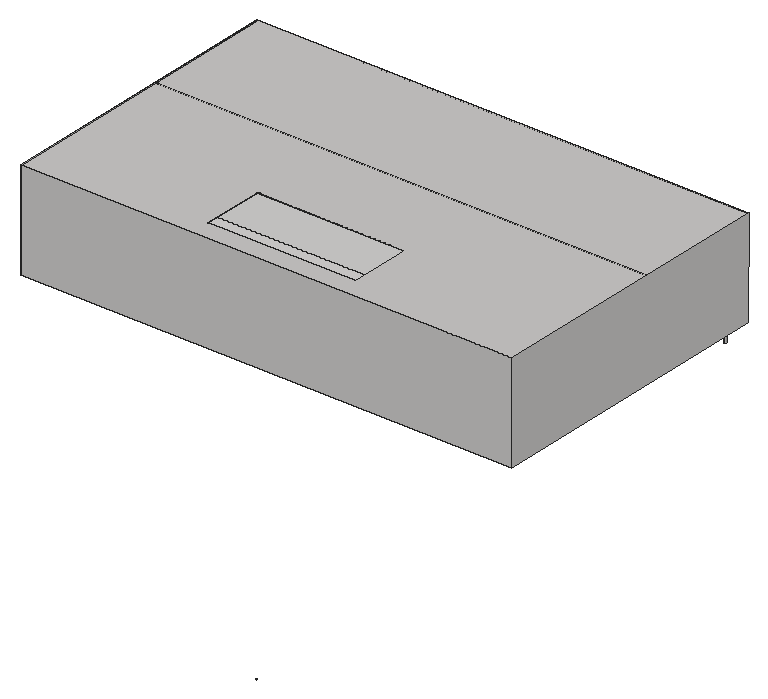
Revit family "QF_ELECTROLUXPROFESSIONAL_643322_DK1220", category Specialty Equipment, Revit 2014
Reference planes
  plane 1: z = 0
  plane 2 "Center (Left/Right)": x = 150
  plane 3 "LEFT": x = -850
  plane 4 "RIGHT": x = 1150
  plane 5 "BACK": y = 550
  plane 6 "TOP": z = 2400
  plane 7 "Base": z = 2000
  plane 8: z = 1970
  plane 9 "DrainY": y = 450
  plane 10: x = -847
  plane 11: y = -320
  plane 12: y = -570
  plane 13 "DrainX": x = 1137
  plane 14 "AOLeft2": x = 450
  plane 15: x = 1147
  plane 16: x = -650
  plane 17: x = 950
  plane 18 "Center (Front/Back)": y = -50
  plane 19 "Front": y = -650
  plane 20 "AOLeft1": x = -150
Forms (mm)
  Extrusion 1, solid, material "QF_Finishes_Stainless Steel"
    sketch origin (-850, 0, 360) x (0, 1, 0) y (0, 0, 1)
      loop
        line (550, 1640) -> (550, 2040) -> (-650, 2040) -> (-650, 1640) -> (550, 1640)
    from 0 to 3
  Extrusion 2, solid, material "QF_Finishes_Stainless Steel"
    sketch origin (1150, 0, 360) x (0, 1, 0) y (0, 0, 1)
      loop
        line (550, 1640) -> (550, 2040) -> (-650, 2040) -> (-650, 1640) -> (550, 1640)
    from 0 to -3
  Extrusion 3, solid, material "QF_Finishes_Stainless Steel"
    sketch origin (150, 0, 360) x (0, 1, 0) y (0, 0, 1)
      loop
        line (-650, 2040) -> (-650, 1640) -> (-640, 1640) -> (-640, 1640.8) -> (-649.2, 1640.8) -> (-649.2, 2039.19) -> (549.2, 2039.19) -> (549.2, 1640.8) -> (540, 1640.8) -> (540, 1640) -> (550, 1640) -> (550, 2040) -> (-650, 2040)
    from -1000 to 1000
  Extrusion 4, solid, material "QF_Finishes_Stainless Steel"
    sketch origin (0, 0, 2000) x (0, 1, 0) y (-1, 0, 0)
      loop
        circle (450, -1137) r 4.763
    from -30 to 0
  Extrusion 5, void
    sketch origin (0, 0, 2400) x (0, 1, 0) y (-1, 0, 0)
      loop
        line (-320, -450) -> (-320, 150) -> (-570, 150) -> (-570, -450) -> (-320, -450)
    from 0 to -10
  Extrusion 6, solid, material "QF_Finishes_Stainless Steel"
    sketch origin (0, 0, 0) x (1, 0, 0) y (0, 1, 0)
      loop
        line (-850, 550) -> (-850, 549) -> (-849, 549) -> (-849, 550) -> (-850, 550)
    from 0 to 1
  Sweep 7, solid, material "QF_Finishes_Stainless Steel"
    path origin (0, 0, 0) x (1, 0, 0) y (0, 1, 0)
      loop
        line (1150, 550) -> (-850, 550) -> (-850, -650) -> (1150, -650) -> (1150, 550)
    profile origin (1150, -50, 0) x (1, 0, 0) y (0, 0, 1)
      loop
        line (-3, 2000) -> (-3, 2000.8) -> (-19, 2000.8) -> (-19, 2010) -> (-20, 2010) -> (-20, 2000) -> (-3, 2000)
  Extrusion 8, solid, material "QF_Finishes_Stainless Steel"
    sketch origin (150, 0, 0) x (0, 1, 0) y (0, 0, 1)
      loop
        line (35, 2399.19) -> (34.2, 2399.19) -> (34.2, 2329.838) -> (-320.309, 2254.485) -> (-614.003, 2066.672) -> (-614.003, 2000.8) -> (-613.203, 2000.8) -> (-613.203, 2066.234) -> (-320, 2253.732) -> (35, 2329.19) -> (35, 2399.19)
    from -997 to 997
Cuts and joins
  Extrusion 5 cuts Extrusion 3
  joined: Extrusion 2, Extrusion 3, Sweep 7
Lines and regions (mm)
  symbolic lines, style "SpecialityEquipment", detail levels coarse
    curve 1: line (1150, 550, 2400) -> (-850, 550, 2400)
    curve 2: line (-850, 550, 2400) -> (-850, -650, 2400)
    curve 3: line (1150, -650, 2400) -> (1150, 550, 2400)
    curve 4: line (-850, 550, 0) -> (1150, -650, 0)
    curve 5: line (1150, 550, 0) -> (-850, -650, 0)
    curve 6: line (-850, -650, 0) -> (1150, -650, 0)
  symbolic lines, detail levels coarse
    curve 7: line (-150, -570, 0) -> (450, -570, 0)
    curve 8: line (-150, -320, 0) -> (-150, -570, 0)
    curve 9: line (450, -320, 0) -> (-150, -320, 0)
    curve 10: line (450, -570, 0) -> (450, -320, 0)
Dimensions and locks
  plane 3 "LEFT" to plane 4 "RIGHT" = 2000 mm
  equal spacing: plane 3 "LEFT", plane 2 "Center (Left/Right)", plane 4 "RIGHT"
  plane 7 "Base" to plane 8 = 30 mm
  plane 5 "BACK" to plane 9 "DrainY" = 100 mm  (x2)
  plane 3 "LEFT" to plane 10 = 3 mm
  plane 13 "DrainX" to plane 4 "RIGHT" = 13 mm
  plane 15 to plane 4 "RIGHT" = 3 mm
  plane 3 "LEFT" to plane 16 = 200 mm
  plane 17 to plane 4 "RIGHT" = 200 mm
  locked: plane 7 "Base" to level at 2000
  locked: plane 6 "TOP" to plane 7 "Base" at 400
  plane 5 "BACK" to plane 19 "Front" = 1200 mm  (x2)
  equal spacing: plane 5 "BACK", plane 18 "Center (Front/Back)", plane 19 "Front"
  plane 12 to plane 19 "Front" = 80 mm
  locked: plane 11 to plane 12 at 250
  locked: plane 20 "AOLeft1" to plane 14 "AOLeft2" at 600
  equal spacing: plane 20 "AOLeft1", plane 2 "Center (Left/Right)", plane 14 "AOLeft2"
  aligned and locked: level to plane 1
  aligned and locked: plane 4 "RIGHT" to Extrusion 3
  aligned and locked: Extrusion 3 to plane 3 "LEFT"
  aligned and locked: Extrusion 5 to plane 12
  aligned and locked: Extrusion 5 to plane 11
  aligned and locked: Extrusion 2 to plane 15
  aligned and locked: Extrusion 8 to plane 10
  aligned and locked: plane 15 to Extrusion 8
  aligned and locked: Extrusion 5 to plane 20 "AOLeft1"
  aligned and locked: Extrusion 5 to plane 14 "AOLeft2"
Automatic sketch dimensions
  Extrusion 1 sketch curve to plane 7 "Base" = 0 mm
  Extrusion 1 sketch curve to plane 19 "Front" = 0 mm
  Extrusion 1 sketch curve to plane 5 "BACK" = 0 mm
  Extrusion 1 sketch curve to plane 6 "TOP" = 0 mm
  Extrusion 2 sketch curve to plane 7 "Base" = 0 mm
  Extrusion 2 sketch curve to plane 19 "Front" = 0 mm
  Extrusion 2 sketch curve to plane 5 "BACK" = 0 mm
  Extrusion 2 sketch curve to plane 6 "TOP" = 0 mm
  Extrusion 3 sketch curve to plane 6 "TOP" = 0 mm
  Extrusion 3 sketch curve to plane 19 "Front" = 0 mm
  Extrusion 3 sketch curve to plane 7 "Base" = 0 mm  (x2)
  Extrusion 3 sketch curve to plane 5 "BACK" = 0 mm
  plane 19 "Front" to Extrusion 3 sketch curve = 0.8 mm
  Extrusion 3 sketch curve to Extrusion 3 sketch curve = 9.2 mm
  plane 7 "Base" to Extrusion 3 sketch curve = 0.8 mm  (x2)
  Extrusion 3 sketch curve to plane 5 "BACK" = 10 mm
  Extrusion 3 sketch curve to plane 5 "BACK" = 0.8 mm
  Extrusion 3 sketch curve to plane 6 "TOP" = 0.81 mm
  Extrusion 4 sketch curve to plane 9 "DrainY" = 0 mm
  Extrusion 4 sketch curve to plane 13 "DrainX" = 0 mm
  Extrusion 5 sketch curve to plane 12 = 0 mm
  plane 11 to Extrusion 5 sketch curve = 0 mm
  Extrusion 5 sketch curve to plane 14 "AOLeft2" = 0 mm
  Extrusion 5 sketch curve to plane 20 "AOLeft1" = 0 mm
  Extrusion 6 sketch curve to plane 3 "LEFT" = 0 mm
  Extrusion 6 sketch curve to plane 5 "BACK" = 0 mm
  plane 3 "LEFT" to Extrusion 6 sketch curve = 1 mm
  Extrusion 6 sketch curve to Extrusion 6 sketch curve = 1 mm
  Sweep 7 sketch curve to plane 3 "LEFT" = 0 mm
  Sweep 7 sketch curve to plane 4 "RIGHT" = 0 mm
  Sweep 7 sketch curve to plane 19 "Front" = 0 mm
  Sweep 7 sketch curve to plane 5 "BACK" = 0 mm
  profile plane to Sweep 7 sketch curve = 20 mm
  Sweep 7 sketch curve to Sweep 7 sketch curve = 1 mm
  profile plane to Sweep 7 sketch curve = 3 mm
  level to Sweep 7 sketch curve = 2000 mm
  Sweep 7 sketch curve to Sweep 7 sketch curve = 0.8 mm
  Sweep 7 sketch curve to Sweep 7 sketch curve = 9.2 mm
  curve 5 to plane 3 "LEFT" = 0 mm
  curve 4 to plane 3 "LEFT" = 0 mm
  curve 6 to plane 19 "Front" = 0 mm
  curve 5 to plane 4 "RIGHT" = 0 mm
  curve 6 to plane 4 "RIGHT" = 0 mm
  curve 5 to plane 5 "BACK" = 0 mm
  curve 4 to plane 5 "BACK" = 0 mm
  curve 2 to plane 3 "LEFT" = 0 mm
  curve 2 to plane 19 "Front" = 0 mm
  curve 3 to plane 4 "RIGHT" = 0 mm
  curve 3 to plane 19 "Front" = 0 mm
  curve 2 to plane 5 "BACK" = 0 mm
  Extrusion 8 sketch curve to plane 11 = 0 mm
  plane 11 to Extrusion 8 sketch curve = 0.309 mm
  plane 7 "Base" to Extrusion 8 sketch curve = 0.8 mm
  plane 19 "Front" to Extrusion 8 sketch curve = 36.797 mm
  Extrusion 8 sketch curve to Extrusion 8 sketch curve = 0.8 mm  (x2)
  plane 18 "Center (Front/Back)" to Extrusion 8 sketch curve = 84.2 mm
  Extrusion 8 sketch curve to Extrusion 8 sketch curve = 65.434 mm
  Extrusion 8 sketch curve to plane 6 "TOP" = 146.268 mm
  Extrusion 8 sketch curve to Extrusion 8 sketch curve = 0.752 mm
  Extrusion 8 sketch curve to plane 6 "TOP" = 70.81 mm
  Extrusion 8 sketch curve to Extrusion 8 sketch curve = 0.648 mm
  Extrusion 8 sketch curve to Extrusion 8 sketch curve = 0.438 mm
  Extrusion 8 sketch curve to plane 6 "TOP" = 0.81 mm
  curve 7 to plane 12 = 0 mm
  curve 7 to plane 20 "AOLeft1" = 0 mm
  plane 11 to curve 8 = 0 mm
  curve 9 to plane 14 "AOLeft2" = 0 mm
  radius of Extrusion 4 sketch curve = 4.763 mm
Connectors
  piping at (1137, 450, 1970), diameter 9.5
    settings: on Extrusion 4, index 1, connector inside diameter 609.6 mm, connector length 0 mm, flow factor 0, pipe flow 0.0 L/s, pressure drop 0.0 Pa, fitting loss kfactor 0, connector angle 0.00°, fixture units 0, engagement length 0 mm, angle of deflection 0.00°, flow configuration 1, flow direction 2, fitting loss method 0, system type 16, joint type 0, gender type 0, connector reference index -1, connector utility 0, adjustable connector no, is connector primary yes, connector description "Drain"
  hvac at (150, -445, 2400)
    settings: on Extrusion 5, index 2, duct flow 0.0 L/s, flow factor 0, pres drop 0.0 Pa, loss coef 0, conn angle 0.00°, conn width 250 mm, conn height 600 mm, conn diameter 609.6 mm, duct sys type 3, conn prof type 1, flow config 1, flow direction 2, loss method 0, conn ref index -1, conn util no, is conn primary yes, conn desc "EXHAUST OUTLET"
